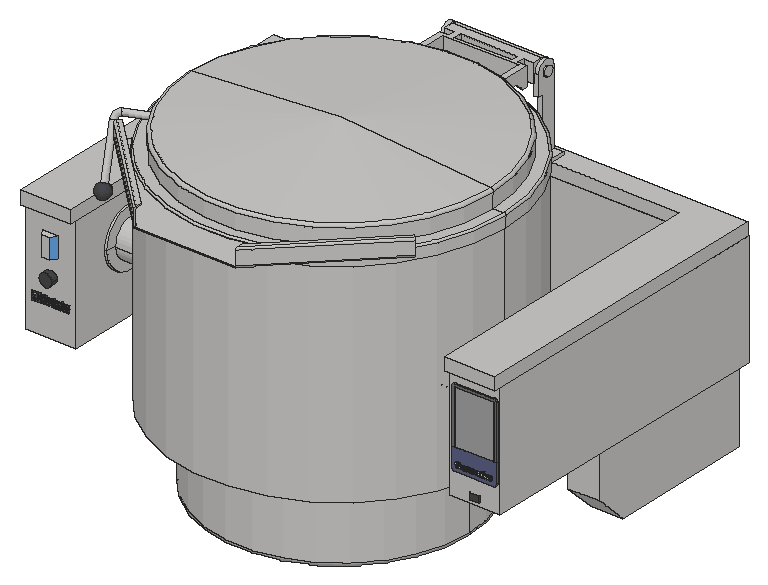
Revit family "QF_ELECTROLUXPROFESSIONAL_586883_PBOT40EWEO", category Attrezzature speciali, Revit 2020 (continued)
Definition of nested family "QF_ELECTROLUXPROFESSIONAL_PBOT1000H400_LEFT"
  Automatic sketch dimensions
    Extrusion 5 sketch curve to Extrusion 5 sketch curve = 0.147 mm
    Extrusion 5 sketch curve to Extrusion 5 sketch curve = 5.696 mm
    Extrusion 5 sketch curve to Extrusion 5 sketch curve = 0.943 mm
    Extrusion 5 sketch curve to Extrusion 5 sketch curve = 0.037 mm  (x2)
    Extrusion 5 sketch curve to plane 8 "TOP" = 305.009 mm
    Extrusion 5 sketch curve to Extrusion 5 sketch curve = 2.122 mm
    Extrusion 5 sketch curve to Extrusion 5 sketch curve = 2.372 mm
    Extrusion 5 sketch curve to Extrusion 5 sketch curve = 0.944 mm
    Extrusion 5 sketch curve to Extrusion 5 sketch curve = 1.799 mm
    Extrusion 5 sketch curve to Extrusion 5 sketch curve = 2.353 mm
    Extrusion 5 sketch curve to Extrusion 5 sketch curve = 6.509 mm
    Extrusion 5 sketch curve to Extrusion 5 sketch curve = 6.836 mm
    Extrusion 5 sketch curve to Extrusion 5 sketch curve = 2.068 mm
    Extrusion 5 sketch curve to Extrusion 5 sketch curve = 5.751 mm
    Extrusion 5 sketch curve to Extrusion 5 sketch curve = 0.679 mm
    Extrusion 5 sketch curve to Extrusion 5 sketch curve = 0.728 mm
    Extrusion 5 sketch curve to Extrusion 5 sketch curve = 0.178 mm
    Extrusion 5 sketch curve to Extrusion 5 sketch curve = 4.332 mm
    Extrusion 5 sketch curve to plane 8 "TOP" = 304.564 mm  (x2)
    Extrusion 5 sketch curve to Extrusion 5 sketch curve = 0.539 mm  (x2)
    Extrusion 5 sketch curve to Extrusion 5 sketch curve = 0.634 mm  (x2)
    Extrusion 5 sketch curve to Extrusion 5 sketch curve = 0.036 mm  (x2)
    Extrusion 5 sketch curve to Extrusion 5 sketch curve = 0.114 mm  (x2)
    Extrusion 5 sketch curve to Extrusion 5 sketch curve = 0.807 mm  (x2)
    Extrusion 5 sketch curve to Extrusion 5 sketch curve = 0.007 mm  (x2)
    Extrusion 5 sketch curve to Extrusion 5 sketch curve = 0.156 mm  (x2)
    Extrusion 5 sketch curve to Extrusion 5 sketch curve = 0.005 mm  (x2)
    Extrusion 5 sketch curve to Extrusion 5 sketch curve = 0.083 mm  (x2)
    Extrusion 5 sketch curve to Extrusion 5 sketch curve = 0.13 mm  (x4)
    Extrusion 5 sketch curve to Extrusion 5 sketch curve = 0.009 mm  (x2)
    Extrusion 5 sketch curve to Extrusion 5 sketch curve = 0.159 mm  (x2)
    Extrusion 5 sketch curve to Extrusion 5 sketch curve = 0.075 mm  (x2)
    Extrusion 5 sketch curve to Extrusion 5 sketch curve = 0.025 mm  (x2)
    Extrusion 5 sketch curve to Extrusion 5 sketch curve = 2.918 mm
    Extrusion 5 sketch curve to Extrusion 5 sketch curve = 2.789 mm
    Extrusion 5 sketch curve to plane 8 "TOP" = 306.37 mm  (x2)
    Extrusion 5 sketch curve to Extrusion 5 sketch curve = 0.908 mm  (x2)
    Extrusion 5 sketch curve to plane 8 "TOP" = 306.755 mm  (x2)
    Extrusion 5 sketch curve to Extrusion 5 sketch curve = 0.826 mm  (x2)
    Extrusion 5 sketch curve to Extrusion 5 sketch curve = 0.126 mm  (x3)
    Extrusion 5 sketch curve to Extrusion 5 sketch curve = 2.333 mm
    Extrusion 5 sketch curve to Extrusion 5 sketch curve = 1.257 mm  (x2)
    Extrusion 5 sketch curve to Extrusion 5 sketch curve = 2.771 mm
    Extrusion 5 sketch curve to Extrusion 5 sketch curve = 1.497 mm
    Extrusion 5 sketch curve to Extrusion 5 sketch curve = 1.979 mm
    Extrusion 5 sketch curve to Extrusion 5 sketch curve = 1.653 mm
    Extrusion 5 sketch curve to Extrusion 5 sketch curve = 0.085 mm
    Extrusion 5 sketch curve to Extrusion 5 sketch curve = 0.315 mm
    Extrusion 5 sketch curve to Extrusion 5 sketch curve = 3.811 mm
    Extrusion 5 sketch curve to Extrusion 5 sketch curve = 2.136 mm  (x2)
    Extrusion 5 sketch curve to Extrusion 5 sketch curve = 2.352 mm  (x2)
    Extrusion 5 sketch curve to plane 8 "TOP" = 289.122 mm
    Extrusion 5 sketch curve to Extrusion 5 sketch curve = 3.797 mm
    Extrusion 5 sketch curve to plane 8 "TOP" = 296.104 mm
    Extrusion 5 sketch curve to Extrusion 5 sketch curve = 1.528 mm
    Extrusion 5 sketch curve to plane 8 "TOP" = 290.598 mm
    Extrusion 5 sketch curve to Extrusion 5 sketch curve = 1.476 mm
    Extrusion 5 sketch curve to plane 8 "TOP" = 294.635 mm
    Extrusion 5 sketch curve to Extrusion 5 sketch curve = 1.469 mm
    Extrusion 5 sketch curve to Extrusion 5 sketch curve = 3.728 mm
    Extrusion 5 sketch curve to Extrusion 5 sketch curve = 0.046 mm
    Extrusion 5 sketch curve to Extrusion 5 sketch curve = 0.177 mm
    Extrusion 5 sketch curve to Extrusion 5 sketch curve = 0.947 mm
    Extrusion 5 sketch curve to Extrusion 5 sketch curve = 0.308 mm
    Extrusion 5 sketch curve to Extrusion 5 sketch curve = 0.091 mm
    Extrusion 5 sketch curve to Extrusion 5 sketch curve = 2.375 mm
    Extrusion 5 sketch curve to Extrusion 5 sketch curve = 0.94 mm
    Extrusion 5 sketch curve to Extrusion 5 sketch curve = 0.54 mm
    Extrusion 5 sketch curve to Extrusion 5 sketch curve = 0.102 mm
    Extrusion 5 sketch curve to Extrusion 5 sketch curve = 0.002 mm  (x4)
    Extrusion 5 sketch curve to Extrusion 5 sketch curve = 0.105 mm
    Extrusion 5 sketch curve to Extrusion 5 sketch curve = 0.097 mm
    Extrusion 5 sketch curve to Extrusion 5 sketch curve = 3.982 mm
    Extrusion 5 sketch curve to Extrusion 5 sketch curve = 0.17 mm
    Extrusion 5 sketch curve to Extrusion 5 sketch curve = 6.49 mm
    Extrusion 5 sketch curve to Extrusion 5 sketch curve = 1.777 mm
    Extrusion 5 sketch curve to plane 8 "TOP" = 296.072 mm
    Extrusion 5 sketch curve to Extrusion 5 sketch curve = 0.63 mm
    Extrusion 5 sketch curve to Extrusion 5 sketch curve = 1.001 mm
    Extrusion 5 sketch curve to plane 8 "TOP" = 294.678 mm
    Extrusion 5 sketch curve to Extrusion 5 sketch curve = 1.393 mm
    Extrusion 5 sketch curve to Extrusion 5 sketch curve = 2.363 mm
    Extrusion 5 sketch curve to Extrusion 5 sketch curve = 2.253 mm
    Extrusion 5 sketch curve to Extrusion 5 sketch curve = 0.014 mm  (x4)
    Extrusion 5 sketch curve to Extrusion 5 sketch curve = 0.172 mm
    Extrusion 5 sketch curve to Extrusion 5 sketch curve = 0.096 mm
    Extrusion 5 sketch curve to Extrusion 5 sketch curve = 0.164 mm
    Extrusion 5 sketch curve to Extrusion 5 sketch curve = 0.298 mm
    Extrusion 5 sketch curve to Extrusion 5 sketch curve = 0.247 mm
    Extrusion 5 sketch curve to Extrusion 5 sketch curve = 0.084 mm
    Extrusion 5 sketch curve to Extrusion 5 sketch curve = 6.484 mm
    Extrusion 5 sketch curve to Extrusion 5 sketch curve = 2.596 mm
    Extrusion 5 sketch curve to Extrusion 5 sketch curve = 0.059 mm  (x2)
    Extrusion 5 sketch curve to Extrusion 5 sketch curve = 3.889 mm
    Extrusion 5 sketch curve to plane 8 "TOP" = 307.979 mm
    Extrusion 5 sketch curve to Extrusion 5 sketch curve = 6.029 mm
    Extrusion 5 sketch curve to plane 8 "TOP" = 305.988 mm
    Extrusion 5 sketch curve to Extrusion 5 sketch curve = 0.929 mm
    Extrusion 5 sketch curve to Extrusion 5 sketch curve = 1.102 mm
    Extrusion 5 sketch curve to Extrusion 5 sketch curve = 0.756 mm  (x2)
    Extrusion 5 sketch curve to plane 8 "TOP" = 306.353 mm
    Extrusion 5 sketch curve to Extrusion 5 sketch curve = 0.852 mm
    Extrusion 5 sketch curve to Extrusion 5 sketch curve = 0.108 mm
    Extrusion 5 sketch curve to Extrusion 5 sketch curve = 0.101 mm
    Extrusion 5 sketch curve to Extrusion 5 sketch curve = 0.072 mm
    Extrusion 5 sketch curve to Extrusion 5 sketch curve = 1.67 mm
    Extrusion 5 sketch curve to Extrusion 5 sketch curve = 1.834 mm
    Extrusion 5 sketch curve to Extrusion 5 sketch curve = 0.366 mm
    Extrusion 5 sketch curve to Extrusion 5 sketch curve = 0.993 mm
    Extrusion 5 sketch curve to Extrusion 5 sketch curve = 0.81 mm
    Extrusion 5 sketch curve to Extrusion 5 sketch curve = 1.026 mm  (x2)
    Extrusion 5 sketch curve to Extrusion 5 sketch curve = 4.272 mm
    Extrusion 5 sketch curve to Extrusion 5 sketch curve = 0.163 mm
    Extrusion 5 sketch curve to Extrusion 5 sketch curve = 0.551 mm
    Extrusion 5 sketch curve to Extrusion 5 sketch curve = 6.11 mm
    Extrusion 5 sketch curve to Extrusion 5 sketch curve = 1.451 mm
    Extrusion 5 sketch curve to Extrusion 5 sketch curve = 5.217 mm
    Extrusion 5 sketch curve to Extrusion 5 sketch curve = 0.045 mm  (x2)
    Extrusion 5 sketch curve to Extrusion 5 sketch curve = 0.241 mm
    Extrusion 5 sketch curve to Extrusion 5 sketch curve = 0.039 mm
    Extrusion 5 sketch curve to Extrusion 5 sketch curve = 1.134 mm
    Extrusion 5 sketch curve to Extrusion 5 sketch curve = 2.351 mm
    Extrusion 5 sketch curve to Extrusion 5 sketch curve = 3.993 mm
    Extrusion 5 sketch curve to Extrusion 5 sketch curve = 10.128 mm
    Extrusion 5 sketch curve to Extrusion 5 sketch curve = 0.956 mm
    Extrusion 5 sketch curve to Extrusion 5 sketch curve = 1.263 mm
    Extrusion 5 sketch curve to Extrusion 5 sketch curve = 2.577 mm
    Extrusion 5 sketch curve to Extrusion 5 sketch curve = 0.243 mm
    Extrusion 5 sketch curve to Extrusion 5 sketch curve = 0.031 mm
    Extrusion 5 sketch curve to Extrusion 5 sketch curve = 7.148 mm
    Extrusion 5 sketch curve to Extrusion 5 sketch curve = 1.502 mm
    Extrusion 5 sketch curve to Extrusion 5 sketch curve = 11.54 mm
    Extrusion 5 sketch curve to Extrusion 5 sketch curve = 11.758 mm
    Extrusion 5 sketch curve to Extrusion 5 sketch curve = 4.097 mm
    Extrusion 5 sketch curve to Extrusion 5 sketch curve = 0.011 mm
    Extrusion 5 sketch curve to Extrusion 5 sketch curve = 4.488 mm
    Extrusion 5 sketch curve to Extrusion 5 sketch curve = 11.908 mm
    Extrusion 5 sketch curve to Extrusion 5 sketch curve = 2.236 mm
    Extrusion 5 sketch curve to Extrusion 5 sketch curve = 0.22 mm
    Extrusion 5 sketch curve to Extrusion 5 sketch curve = 0.319 mm
    Extrusion 5 sketch curve to Extrusion 5 sketch curve = 1.192 mm
    Extrusion 5 sketch curve to Extrusion 5 sketch curve = 3.577 mm  (x2)
    Extrusion 5 sketch curve to Extrusion 5 sketch curve = 3.444 mm  (x2)
    Extrusion 5 sketch curve to Extrusion 5 sketch curve = 1.626 mm  (x2)
    Extrusion 5 sketch curve to Extrusion 5 sketch curve = 2.021 mm
    Extrusion 5 sketch curve to Extrusion 5 sketch curve = 2.967 mm
    Extrusion 5 sketch curve to Extrusion 5 sketch curve = 1.22 mm
    Extrusion 5 sketch curve to Extrusion 5 sketch curve = 3.412 mm
    Extrusion 5 sketch curve to Extrusion 5 sketch curve = 0.892 mm  (x3)
    Extrusion 5 sketch curve to Extrusion 5 sketch curve = 0.58 mm  (x2)
    Extrusion 5 sketch curve to Extrusion 5 sketch curve = 2.117 mm
    Extrusion 5 sketch curve to Extrusion 5 sketch curve = 0.295 mm  (x2)
    Extrusion 5 sketch curve to Extrusion 5 sketch curve = 0.618 mm
    Extrusion 5 sketch curve to Extrusion 5 sketch curve = 1.65 mm
    Extrusion 5 sketch curve to Extrusion 5 sketch curve = 1.662 mm
    Extrusion 5 sketch curve to Extrusion 5 sketch curve = 0.013 mm  (x2)
    Extrusion 5 sketch curve to Extrusion 5 sketch curve = 0.292 mm
    Extrusion 5 sketch curve to Extrusion 5 sketch curve = 0.107 mm  (x2)
    Extrusion 5 sketch curve to Extrusion 5 sketch curve = 0.068 mm  (x2)
    Extrusion 5 sketch curve to Extrusion 5 sketch curve = 2.361 mm
    Extrusion 5 sketch curve to Extrusion 5 sketch curve = 2.359 mm
    Extrusion 5 sketch curve to Extrusion 5 sketch curve = 0.531 mm  (x2)
    Extrusion 5 sketch curve to Extrusion 5 sketch curve = 0.928 mm  (x2)
    Extrusion 5 sketch curve to Extrusion 5 sketch curve = 1.058 mm
    Extrusion 5 sketch curve to Extrusion 5 sketch curve = 0.297 mm  (x2)
    Extrusion 5 sketch curve to Extrusion 5 sketch curve = 0.155 mm  (x2)
    Extrusion 5 sketch curve to Extrusion 5 sketch curve = 0.182 mm  (x2)
    Extrusion 5 sketch curve to Extrusion 5 sketch curve = 0.607 mm  (x2)
    Extrusion 5 sketch curve to Extrusion 5 sketch curve = 0.372 mm  (x2)
    Extrusion 5 sketch curve to Extrusion 5 sketch curve = 0.016 mm  (x2)
    Extrusion 5 sketch curve to Extrusion 5 sketch curve = 0.996 mm
    Extrusion 5 sketch curve to Extrusion 5 sketch curve = 0.93 mm
    Extrusion 5 sketch curve to Extrusion 5 sketch curve = 0.709 mm  (x2)
    Extrusion 5 sketch curve to Extrusion 5 sketch curve = 1.017 mm
    Extrusion 5 sketch curve to Extrusion 5 sketch curve = 4.718 mm
    Extrusion 5 sketch curve to Extrusion 5 sketch curve = 0.891 mm
    Extrusion 5 sketch curve to Extrusion 5 sketch curve = 3.826 mm
    Extrusion 5 sketch curve to Extrusion 5 sketch curve = 0.954 mm
    Extrusion 5 sketch curve to Extrusion 5 sketch curve = 5.576 mm
    Extrusion 5 sketch curve to Extrusion 5 sketch curve = 5.661 mm  (x2)
    Extrusion 5 sketch curve to Extrusion 5 sketch curve = 0.006 mm
    Extrusion 5 sketch curve to Extrusion 5 sketch curve = 2.203 mm
    Extrusion 5 sketch curve to Extrusion 5 sketch curve = 2.21 mm
    Extrusion 5 sketch curve to Extrusion 5 sketch curve = 1.607 mm
    Extrusion 5 sketch curve to Extrusion 5 sketch curve = 3.92 mm
    Extrusion 5 sketch curve to Extrusion 5 sketch curve = 0.05 mm
    Extrusion 5 sketch curve to Extrusion 5 sketch curve = 1.776 mm
    Extrusion 5 sketch curve to Extrusion 5 sketch curve = 4.017 mm
    Extrusion 5 sketch curve to Extrusion 5 sketch curve = 0.196 mm  (x2)
    Extrusion 5 sketch curve to Extrusion 5 sketch curve = 0.19 mm
    Extrusion 5 sketch curve to Extrusion 5 sketch curve = 1.312 mm
    Extrusion 5 sketch curve to Extrusion 5 sketch curve = 0.146 mm
    Extrusion 5 sketch curve to Extrusion 5 sketch curve = 2.831 mm
    Extrusion 5 sketch curve to Extrusion 5 sketch curve = 0.387 mm
    Extrusion 5 sketch curve to Extrusion 5 sketch curve = 0.174 mm
    Extrusion 5 sketch curve to Extrusion 5 sketch curve = 4.623 mm
    Extrusion 5 sketch curve to Extrusion 5 sketch curve = 1.754 mm
    Extrusion 5 sketch curve to Extrusion 5 sketch curve = 0.188 mm
    Extrusion 5 sketch curve to Extrusion 5 sketch curve = 0.02 mm
    Extrusion 5 sketch curve to Extrusion 5 sketch curve = 0.313 mm
    Extrusion 5 sketch curve to Extrusion 5 sketch curve = 0.12 mm
    Extrusion 5 sketch curve to Extrusion 5 sketch curve = 0.062 mm
    Extrusion 5 sketch curve to Extrusion 5 sketch curve = 0.568 mm
    Extrusion 5 sketch curve to Extrusion 5 sketch curve = 0.095 mm
    Extrusion 5 sketch curve to Extrusion 5 sketch curve = 0.357 mm
    Extrusion 5 sketch curve to Extrusion 5 sketch curve = 0.008 mm
    Extrusion 5 sketch curve to Extrusion 5 sketch curve = 0.36 mm
    Extrusion 5 sketch curve to Extrusion 5 sketch curve = 3.784 mm
    Extrusion 5 sketch curve to Extrusion 5 sketch curve = 1.654 mm
    Extrusion 5 sketch curve to Extrusion 5 sketch curve = 1.454 mm
    Extrusion 5 sketch curve to Extrusion 5 sketch curve = 3.429 mm
    Extrusion 5 sketch curve to Extrusion 5 sketch curve = 1.094 mm
    Extrusion 5 sketch curve to Extrusion 5 sketch curve = 2.218 mm
    Extrusion 5 sketch curve to Extrusion 5 sketch curve = 1.404 mm
    Extrusion 5 sketch curve to Extrusion 5 sketch curve = 5.959 mm
    Extrusion 5 sketch curve to Extrusion 5 sketch curve = 1.424 mm
    Extrusion 5 sketch curve to Extrusion 5 sketch curve = 3.23 mm
    Extrusion 5 sketch curve to Extrusion 5 sketch curve = 1.975 mm
    Extrusion 5 sketch curve to Extrusion 5 sketch curve = 3.779 mm
    Extrusion 5 sketch curve to Extrusion 5 sketch curve = 2.212 mm
    Extrusion 5 sketch curve to Extrusion 5 sketch curve = 3.78 mm
    Extrusion 5 sketch curve to Extrusion 5 sketch curve = 1.279 mm
    Extrusion 5 sketch curve to Extrusion 5 sketch curve = 1.343 mm  (x2)
    Extrusion 5 sketch curve to Extrusion 5 sketch curve = 1.353 mm  (x2)
    Extrusion 5 sketch curve to Extrusion 5 sketch curve = 0.027 mm  (x2)
    Extrusion 5 sketch curve to Extrusion 5 sketch curve = 0.395 mm  (x2)
    Extrusion 5 sketch curve to Extrusion 5 sketch curve = 0.329 mm  (x2)
    Extrusion 5 sketch curve to Extrusion 5 sketch curve = 0.425 mm  (x2)
    Extrusion 5 sketch curve to Extrusion 5 sketch curve = 0.051 mm  (x2)
    Extrusion 5 sketch curve to Extrusion 5 sketch curve = 0.495 mm  (x2)
    Extrusion 5 sketch curve to Extrusion 5 sketch curve = 0.267 mm  (x2)
    Extrusion 5 sketch curve to Extrusion 5 sketch curve = 1.4 mm
    Extrusion 5 sketch curve to Extrusion 5 sketch curve = 5.233 mm
    Extrusion 5 sketch curve to Extrusion 5 sketch curve = 2.062 mm
    Extrusion 7 sketch curve to plane 1 "Center (Front/Back)" = 40.0 mm
    Extrusion 7 sketch curve to Extrusion 7 sketch curve = 90.0 mm
    Extrusion 6 sketch curve to plane 11 "HW_CW" = 0.0 mm  (x2)
    Extrusion 6 sketch curve to plane 13 = 0.0 mm
    Extrusion 6 sketch curve to plane 12 = 0.0 mm
    Extrusion 3 sketch curve to plane 14 = 105.0 mm
    plane 17 to Extrusion 8 sketch curve = 0.0 mm  (x2)
    Extrusion 8 sketch curve to plane 19 = 0.0 mm
    Extrusion 8 sketch curve to plane 18 = 0.0 mm
    radius of Extrusion 2 sketch curve = 20.0 mm
    radius of Extrusion 3 sketch curve = 6.35 mm  (x2)
    radius of Extrusion 5 sketch curve = 2.453 mm
    radius of Extrusion 5 sketch curve = 1.557 mm
    radius of Extrusion 5 sketch curve = 1.468 mm
    radius of Extrusion 5 sketch curve = 2.451 mm
    radius of Extrusion 6 sketch curve = 5.0 mm  (x2)
    radius of Extrusion 8 sketch curve = 5.0 mm  (x2)
Definition of nested family "QF_ELECTROLUXPROFESSIONAL_PBOT1000H400_RIGHT"
  Parameters
    Width = 160.0 mm
    Right = Width / 2  # 80.0 mm
    Default Elevation = 0.0 mm
    Left = -Width / 2  # -80.0 mm
    Htop = 40.0 mm
    Height = 900.0 mm
    HBase = 200.0 mm
    EI_z = 450.0 mm
    EI_y = 239.0 mm
    Depth = 1000.0 mm
    BorderFront = 20.0 mm
    Body Finish [instance] = none
  Reference planes
    plane 1 "Center (Front/Back)": y = 0
    plane 2: z = 0
    plane 3 "Center (Left/Right)": x = 0
    plane 4 "LEFT": x = -80
    plane 5 "RIGHT": x = 80
    plane 6 "BACK": y = 500
    plane 7 "FRONT": y = -500
    plane 8 "Base": z = 250
    plane 9 "TOP": z = 900
    plane 10 "BorderFront": y = -480
    plane 11: z = 860
    plane 12 "EI": z = 450
    plane 13: y = 261
    plane 14: z = 500
    plane 15: y = -50
    plane 16: z = 800
    plane 17: z = 525
    plane 18: x = -30
  Forms (mm)
    Extrusion 1, solid
      sketch origin (0, 0, 0) x (1, 0, 0) y (0, 1, 0)
        loop
          line (-80, 500) -> (-80, -480) -> (80, -480) -> (80, 500) -> (-80, 500)
      from 860 to 500
    Extrusion 2, solid
      sketch origin (0, -480, 0) x (-1, 0, 0) y (0, 0, 1)
        loop
          line (59.714, 823.989) -> (-61.821, 823.989)
          arc (-61.821, 823.989) -> (-68.892, 821.06) -> (-71.821, 813.989) r 10
          line (-71.821, 813.989) -> (-71.821, 644.744) -> (-61.821, 644.744) -> (-61.821, 813.989) -> (59.714, 813.989) -> (59.714, 644.744) -> (69.714, 644.744) -> (69.714, 813.989)
          arc (69.714, 813.989) -> (66.786, 821.06) -> (59.714, 823.989) r 10
      from 0 to -3
    Extrusion 3, solid
      sketch origin (0, -480, 0) x (-1, 0, 0) y (0, 0, 1)
        loop
          line (69.714, 585) -> (69.714, 644.744) -> (-71.821, 644.744) -> (-71.821, 585)
          arc (-71.821, 585) -> (-68.892, 577.929) -> (-61.821, 575) r 10
          line (-61.821, 575) -> (59.714, 575)
          arc (59.714, 575) -> (66.786, 577.929) -> (69.714, 585) r 10
      from -3 to 0
    Extrusion 4, solid
      sketch origin (234.714, -480, 0) x (-1, 0, 0) y (0, 0, 1)
        loop
          line (294.429, 813.989) -> (172.894, 813.989) -> (172.894, 644.744) -> (294.429, 644.744) -> (294.429, 813.989)
      from 0 to -3
    Extrusion 5, solid
      sketch origin (0, -480, 0) x (-1, 0, 0) y (0, 0, 1)
        loop
          line (15, 530) -> (-15, 530) -> (-15, 510) -> (15, 510) -> (15, 530)
      from -1.6 to 0
    Extrusion 6, solid
      sketch origin (0, 500, 0) x (-1, 0, 0) y (0, 0, 1)
        loop
          circle (0, 450) r 5
      from 0 to 2
    Extrusion 7, solid
      sketch origin (0, 0, 250) x (0, 1, 0) y (-1, 0, 0)
        loop
          circle (261, 0) r 10
      from 0 to -3
    Extrusion 8, solid
      sketch origin (0, 0, 0) x (0, 1, 0) y (0, 0, 1)
        loop
          line (500, 500) -> (-50, 500) -> (-50, 340) -> (40, 250) -> (500, 250) -> (500, 500)
      from -50 to 50
    Extrusion 9, void
      sketch origin (0, 500, 0) x (-1, 0, 0) y (0, 0, 1)
        loop
          circle (30, 800) r 5
        loop
          circle (30, 525) r 5
      from 0 to -5
  Cuts and joins
    Extrusion 9 cuts Extrusion 1
  Lines and regions (mm)
    symbolic lines
      curve 1: line (-80, 500, 0) -> (80, 500, 0)
      curve 2: line (80, 500, 0) -> (80, -480, 0)
  Dimensions and locks
    "Width": plane 4 "LEFT" to plane 5 "RIGHT"
    equal spacing: plane 4 "LEFT", plane 3 "Center (Left/Right)", plane 5 "RIGHT"
    equal spacing: plane 6 "BACK", plane 1 "Center (Front/Back)", plane 7 "FRONT"
    "Depth": plane 6 "BACK" to plane 7 "FRONT"
    "BorderFront": plane 10 "BorderFront" to plane 7 "FRONT"
    "Htop": plane 9 "TOP" to plane 11
    "Height": plane 9 "TOP" to level
    "EI_y": plane 6 "BACK" to plane 13
    locked: plane 11 to plane 14 at 360
    plane 14 to plane 8 "Base" = 250.0 mm
    plane 6 "BACK" to plane 15 = 550.0 mm
    "EI_z": plane 12 "EI" to level
    plane 11 to level = 860.0 mm
    plane 17 to plane 16 to plane 11 = 275.0 mm, 60.0 mm
    plane 5 "RIGHT" to plane 18 = 110.0 mm
    aligned and locked: level to plane 2
    aligned and locked: plane 10 "BorderFront" to Extrusion 1 sketch curve
    aligned and locked: plane 11 to Extrusion 1
    aligned and locked: plane 4 "LEFT" to Extrusion 1 sketch curve
    aligned and locked: Extrusion 1 sketch curve to plane 5 "RIGHT"
    aligned and locked: Extrusion 1 sketch curve to plane 6 "BACK"
    aligned and locked: Extrusion 1 to plane 14
    aligned and locked: plane 6 "BACK" to Extrusion 8 sketch curve
    aligned and locked: plane 14 to Extrusion 8 sketch curve
    aligned and locked: Extrusion 8 sketch curve to plane 8 "Base"
    aligned and locked: plane 15 to Extrusion 8 sketch curve
  Automatic sketch dimensions
    Extrusion 2 sketch curve to plane 5 "RIGHT" = 8.179 mm
    Extrusion 2 sketch curve to Extrusion 2 sketch curve = 10.0 mm  (x2)
    Extrusion 2 sketch curve to Extrusion 2 sketch curve = 0.0 mm  (x4)
    plane 4 "LEFT" to Extrusion 2 sketch curve = 20.286 mm
    Extrusion 2 sketch curve to plane 11 = 215.256 mm
    Extrusion 2 sketch curve to plane 11 = 46.011 mm
    Extrusion 3 sketch curve to plane 5 "RIGHT" = 8.179 mm
    plane 4 "LEFT" to Extrusion 3 sketch curve = 20.286 mm
    plane 4 "LEFT" to Extrusion 3 sketch curve = 10.286 mm
    Extrusion 3 sketch curve to plane 11 = 285.0 mm
    Extrusion 3 sketch curve to Extrusion 3 sketch curve = 59.744 mm
    Extrusion 3 sketch curve to Extrusion 3 sketch curve = 10.0 mm
    plane 4 "LEFT" to Extrusion 4 sketch curve = 20.286 mm
    Extrusion 4 sketch curve to plane 11 = 46.011 mm
    Extrusion 4 sketch curve to plane 5 "RIGHT" = 18.179 mm
    Extrusion 4 sketch curve to Extrusion 4 sketch curve = 169.244 mm
    Extrusion 6 sketch curve to plane 3 "Center (Left/Right)" = 0.0 mm
    Extrusion 6 sketch curve to plane 12 "EI" = 0.0 mm
    curve 1 to plane 4 "LEFT" = 0.0 mm
    curve 1 to plane 5 "RIGHT" = 0.0 mm
    curve 2 to plane 10 "BorderFront" = 0.0 mm
    curve 1 to plane 6 "BACK" = 0.0 mm
    plane 3 "Center (Left/Right)" to Extrusion 5 sketch curve = 15.0 mm
    Extrusion 5 sketch curve to plane 3 "Center (Left/Right)" = 15.0 mm
    plane 12 "EI" to Extrusion 5 sketch curve = 60.0 mm
    Extrusion 5 sketch curve to Extrusion 5 sketch curve = 20.0 mm
    Extrusion 7 sketch curve to plane 3 "Center (Left/Right)" = 0.0 mm
    Extrusion 7 sketch curve to plane 13 = 0.0 mm
    Extrusion 8 sketch curve to plane 1 "Center (Front/Back)" = 40.0 mm
    plane 8 "Base" to Extrusion 8 sketch curve = 90.0 mm
    Extrusion 9 sketch curve to plane 17 = 0.0 mm
    plane 18 to Extrusion 9 sketch curve = 0.0 mm  (x2)
    Extrusion 9 sketch curve to plane 16 = 0.0 mm
    radius of Extrusion 6 sketch curve = 5.0 mm
    radius of Extrusion 7 sketch curve = 10.0 mm
    radius of Extrusion 9 sketch curve = 5.0 mm  (x2)
  Nested families
    nested 1: "ELX_ThermaLine" at (-0.906, -483, 593.675) x (1, 0, 0) z (0, -1, 0), type "ELX_ThermaLine"
      with Show Logo yes, Material_Logo none
  Definition of nested family "ELX_ThermaLine"
    Parameters
      Show Logo [instance] = yes
      Material_Logo [instance] = none
      Default Elevation = 0.0 mm
    Reference planes
      plane 1 "Centro (Fronte/Retro)": y = 0
      plane 2: z = 0
      plane 3 "Centro (Sinistra/Destra)": x = 0
    Forms (mm)
      Extrusion 1, solid
        sketch origin (0, 0, 0) x (1, 0, 0) y (0, 1, 0)
          loop
            line (-1219.2, 1219.2) -> (-1219.2, -1219.2) -> (1219.2, -1219.2) -> (1219.2, 1219.2) -> (-1219.2, 1219.2)
        from 0 to -304.8
      Extrusion 2, solid
        sketch origin (0, 0, 0) x (1, 0, 0) y (0, 1, 0)
          loop
            line (-52.84, 4.345) -> (-50.793, 4.345) -> (-50.793, 6.716) -> (-52.84, 6.716) -> (-52.84, 10.788) -> (-55.901, 9.058) -> (-55.901, 6.716) -> (-57.324, 6.716) -> (-57.324, 4.345) -> (-55.901, 4.345) -> (-55.901, -1.637)
            arc (-55.901, -1.637) -> (-54.76, -4.355) -> (-51.88, -4.985) r 3.198
            line (-51.88, -4.985) -> (-50.444, -4.597) -> (-50.782, -2.189) -> (-51.765, -2.453)
            arc (-51.765, -2.453) -> (-52.506, -2.305) -> (-52.84, -1.628) r 0.854
            line (-52.84, -1.628) -> (-52.84, 4.345)
          loop
            line (-48.642, 11.198) -> (-48.642, -4.787) -> (-45.561, -4.787) -> (-45.561, 2.659)
            arc (-45.561, 2.659) -> (-44.379, 4.372) -> (-42.304, 4.523) r 2.408
            arc (-42.304, 4.523) -> (-41.484, 3.75) -> (-41.182, 2.665) r 2.099
            line (-41.182, 2.665) -> (-41.182, -4.787) -> (-38.117, -4.787) -> (-38.088, 2.166)
            arc (-38.088, 2.166) -> (-38.343, 3.963) -> (-39.021, 5.646) r 7.517
            arc (-39.021, 5.646) -> (-42.369, 6.971) -> (-45.561, 5.303) r 4.327
            line (-45.561, 5.303) -> (-45.561, 11.198) -> (-48.642, 11.198)
          loop
            arc (-28.196, 1.988) -> (-28.834, 3.893) -> (-30.683, 4.679) r 2.449
            arc (-30.683, 4.679) -> (-32.149, 3.674) -> (-32.711, 1.988) r 2.793
            line (-32.711, 1.988) -> (-28.196, 1.988)
          loop
            arc (-25.128, 0.121) -> (-26.074, 4.342) -> (-29.545, 6.923) r 6.212
            arc (-29.545, 6.923) -> (-33.021, 6.358) -> (-35.352, 3.718) r 5.232
            arc (-35.352, 3.718) -> (-35.918, 1.148) -> (-35.633, -1.468) r 8.117
            arc (-35.633, -1.468) -> (-34.524, -3.319) -> (-32.789, -4.603) r 5.523
            arc (-32.789, -4.603) -> (-28.402, -4.744) -> (-25.297, -1.641) r 5.523
            line (-25.297, -1.641) -> (-28.327, -1.106)
            arc (-28.327, -1.106) -> (-29.324, -2.396) -> (-30.951, -2.501) r 1.982
            arc (-30.951, -2.501) -> (-32.276, -1.475) -> (-32.789, 0.121) r 2.835
            line (-32.789, 0.121) -> (-25.128, 0.121)
          loop
            line (-22.733, -4.787) -> (-19.705, -4.787) -> (-19.705, 0)
            arc (-19.705, 0) -> (-19.663, 1.267) -> (-19.469, 2.521) r 10.557
            arc (-19.469, 2.521) -> (-18.189, 4.014) -> (-16.237, 3.761) r 2.069
            line (-16.237, 3.761) -> (-15.318, 6.433)
            arc (-15.318, 6.433) -> (-17.915, 6.783) -> (-19.931, 5.11) r 3.262
            line (-19.931, 5.11) -> (-19.931, 6.752) -> (-22.733, 6.752) -> (-22.733, -4.787)
          loop
            line (-14.233, 6.752) -> (-14.233, -4.787) -> (-11.135, -4.787) -> (-11.135, 1.783)
            arc (-11.135, 1.783) -> (-10.552, 3.635) -> (-8.862, 4.59) r 2.646
            arc (-8.862, 4.59) -> (-7.677, 3.931) -> (-7.234, 2.65) r 1.899
            line (-7.234, 2.65) -> (-7.234, -4.787) -> (-4.155, -4.787) -> (-4.155, 1.467)
            arc (-4.155, 1.467) -> (-3.845, 2.923) -> (-2.97, 4.128) r 3.581
            arc (-2.97, 4.128) -> (-1.581, 4.474) -> (-0.516, 3.516) r 1.525
            arc (-0.516, 3.516) -> (-0.324, 2.735) -> (-0.304, 1.931) r 3.735
            line (-0.304, 1.931) -> (-0.304, -4.787) -> (2.776, -4.787) -> (2.776, 3.096)
            arc (2.776, 3.096) -> (1.833, 5.68) -> (-0.612, 6.942) r 3.784
            arc (-0.612, 6.942) -> (-2.795, 6.596) -> (-4.513, 5.205) r 4.271
            arc (-4.513, 5.205) -> (-5.893, 6.457) -> (-7.686, 6.964) r 4.079
            arc (-7.686, 6.964) -> (-9.75, 6.555) -> (-11.39, 5.237) r 4.412
            line (-11.39, 5.237) -> (-11.39, 6.752) -> (-14.233, 6.752)
          loop
            line (5.334, 3.712) -> (8.069, 3.23)
            arc (8.069, 3.23) -> (10.312, 4.685) -> (12.137, 2.73) r 2.082
            line (12.137, 2.73) -> (8.171, 1.741)
            arc (8.171, 1.741) -> (6.593, 1.022) -> (5.378, -0.215) r 4.758
            arc (5.378, -0.215) -> (5.225, -1.991) -> (5.744, -3.697) r 4.711
            arc (5.744, -3.697) -> (7.301, -4.682) -> (9.118, -4.992) r 4.691
            arc (9.118, -4.992) -> (10.903, -4.593) -> (12.411, -3.558) r 4.818
            line (12.411, -3.558) -> (12.81, -4.787) -> (15.873, -4.787) -> (15.179, -2.652) -> (15.179, 3.25)
            arc (15.179, 3.25) -> (14.773, 5.146) -> (13.38, 6.496) r 3.336
            arc (13.38, 6.496) -> (10.765, 7.201) -> (8.091, 6.773) r 6.459
            arc (8.091, 6.773) -> (6.348, 5.57) -> (5.334, 3.712) r 4.569
          loop
            line (21.001, -4.787) -> (24.24, -4.787) -> (27.623, 11.127) -> (24.384, 11.127) -> (21.001, -4.787)
          loop
            line (27.273, -4.787) -> (30.332, -4.787) -> (32.777, 6.716) -> (29.718, 6.716) -> (27.273, -4.787)
          loop
            line (30.656, 11.127) -> (30.058, 8.314) -> (33.117, 8.314) -> (33.715, 11.127) -> (30.656, 11.127)
          loop
            line (33.431, -4.787) -> (36.649, -4.787) -> (38.261, 2.796)
            arc (38.261, 2.796) -> (39.644, 4.445) -> (41.791, 4.594) r 2.751
            arc (41.791, 4.594) -> (42.425, 3.729) -> (42.502, 2.659) r 1.936
            line (42.502, 2.659) -> (40.919, -4.787) -> (43.989, -4.787) -> (45.795, 3.712)
            arc (45.795, 3.712) -> (45.588, 5.458) -> (44.361, 6.716) r 2.734
            arc (44.361, 6.716) -> (41.222, 6.857) -> (38.516, 5.259) r 5.512
            line (38.516, 5.259) -> (38.826, 6.716) -> (35.876, 6.716) -> (33.431, -4.787)
          loop
            line (50.773, 1.934) -> (55.672, 1.934)
            arc (55.672, 1.934) -> (55.737, 2.919) -> (55.334, 3.821) r 2.051
            arc (55.334, 3.821) -> (53.773, 4.722) -> (52.024, 4.287) r 2.407
            arc (52.024, 4.287) -> (51.223, 3.203) -> (50.773, 1.934) r 4.566
          loop
            line (50.479, 0) -> (58.259, 0)
            arc (58.259, 0) -> (58.241, 3.53) -> (56.181, 6.396) r 5.8
            arc (56.181, 6.396) -> (52.577, 6.992) -> (49.395, 5.199) r 5.498
            arc (49.395, 5.199) -> (47.819, 2.372) -> (47.536, -0.853) r 7.747
            arc (47.536, -0.853) -> (48.406, -3.006) -> (50.236, -4.437) r 4.494
            arc (50.236, -4.437) -> (52.672, -4.934) -> (55.109, -4.437) r 6.224
            arc (55.109, -4.437) -> (56.76, -3.346) -> (57.916, -1.739) r 5.478
            line (57.916, -1.739) -> (55.129, -1.247)
            arc (55.129, -1.247) -> (53.897, -2.495) -> (52.149, -2.637) r 2.52
            arc (52.149, -2.637) -> (50.809, -1.638) -> (50.479, 0) r 2.336
          loop
            line (12.154, 0.755) -> (8.732, -0.098)
            arc (8.732, -0.098) -> (8.126, -1.288) -> (8.732, -2.478) r 1.471
            arc (8.732, -2.478) -> (10.437, -2.725) -> (11.827, -1.706) r 2.276
            arc (11.827, -1.706) -> (12.142, -0.496) -> (12.154, 0.755) r 5.123
        from 0 to 1.6
    Dimensions and locks
      aligned and locked: plane 2 to Extrusion 1
      aligned and locked: level to Extrusion 1
Definition of nested family "QF_ELECTROLUXPROFESSIONAL_PBOT1000_LEVEL1"
  Parameters
    Default Elevation = 0.0 mm
    Assembly Code = ""
  Reference planes
    plane 1 "Center (Front/Back)": y = 0
    plane 2: z = 0
    plane 3 "Center (Left/Right)": x = 0
  Forms (mm)
    Sweep 1, solid
      path origin (0, 0, 0) x (1, 0, 0) y (0, 0.5, 0.866025)
        loop
          line (60, 0) -> (-80, 0)
          arc (-80, 0) -> (-94.142, -5.858) -> (-100, -20) r 20
          line (-100, -20) -> (-100, -200)
      profile origin (-10, 0, 0) x (0, -0.5, -0.866025) y (0, -0.866025, 0.5)
        loop
          circle (0, 0) r 9
    Revolve 2, solid
      sketch origin (-20, 0, 0) x (1, 0, 0) y (0, 0.5, 0.866025)
        loop
          arc (-57.5, -200) -> (-80, -177.5) -> (-102.5, -200) r 22.5
          line (-102.5, -200) -> (-57.5, -200)
        axis (-102.5, -200) -> (-57.5, -200)
      angle from 0 to 360
  Lines and regions (mm)
    symbolic lines
      curve 1: line (0, -9, 0) -> (-80, -9, 0)
      curve 2: line (0, 9, 0) -> (-80, 9, 0)
      curve 3: line (-91, -80, 0) -> (-91, -15, 0)
      curve 4: line (-109, -80, 0) -> (-109, -10, 0)
      curve 5: arc (-109, -10, 0) -> (-97.335, 3.827, 0) -> (-80, 9, 0) r 31.632
      curve 6: arc (-91, -15, 0) -> (-86.265, -10.598, 0) -> (-80, -9, 0) r 13.083
      curve 7: spline (-77.953, -100, 0) -> (-78.704, -94.175, 0) -> (-80.907, -88.747, 0) -> (-84.41, -84.087, 0) -> (-88.977, -80.51, 0) -> (-94.294, -78.262, 0) -> (-100, -77.495, 0) -> (-105.706, -78.262, 0) -> (-111.023, -80.51, 0) -> (-115.59, -84.087, 0) -> (-119.093, -88.747, 0) -> (-121.296, -94.175, 0) -> (-122.047, -100, 0) -> (-121.296, -105.825, 0) -> (-119.093, -111.253, 0) -> (-115.59, -115.913, 0) -> (-111.023, -119.49, 0) -> (-105.706, -121.738, 0) -> (-100, -122.505, 0) -> (-94.294, -121.738, 0) -> (-88.977, -119.49, 0) -> (-84.41, -115.913, 0) -> (-80.907, -111.253, 0) -> (-78.704, -105.825, 0) -> (-77.953, -100, 0)
  Dimensions and locks
    aligned and locked: level to plane 2
